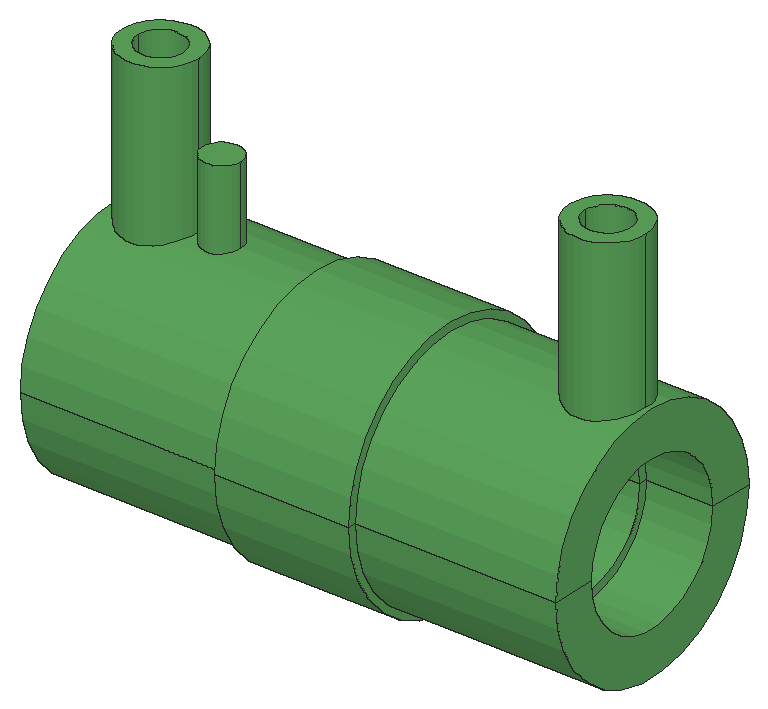
Revit family "Aquatherm_Электросварочная муфта", category Соединительные детали трубопроводов, Revit 2019
Family settings
  Размер круглого соединителя = Использовать диаметр
  Тип детали = Соединение
  На основе рабочей плоскости = Нет
  Всегда вертикально = Да
  При загрузке вырезать с полостями = Нет
  Общий = Нет
Parameters (values of type "SDR 9")
  Материал_Корпус = AquaTherm green pipe
  l [instance] = L / 8  # 8.75 mm
  h [instance] = size_lookup("Электросварочная муфта", "h", 18 mm, d)  # 36 mm
  URL = "www.agpipe.ru"
  d [instance] = 20 mm
  SDR = 9 mm
  L [instance] = size_lookup("Электросварочная муфта", "L", 18 mm, d)  # 70 mm
  D [instance] = size_lookup("Электросварочная муфта", "D", 18 mm, d)  # 31.5 mm
  ADSK_Примечание = ""
  ADSK_Позиция [instance] = ""
  ADSK_Обозначение [instance] = ""
  ADSK_Наименование [instance] = size_lookup("Электросварочная муфта", "ADSK_Наименование", "Нет в каталоге", d)  # "Электросварочная муфта DN20"
  ADSK_Масса_Текст [instance] = size_lookup("Электросварочная муфта", "ADSK_Масса_Текст", "Нет в каталоге", d)  # "0.049"
  ADSK_Код изделия [instance] = size_lookup("Электросварочная муфта", "ADSK_Код изделия", "Нет в каталоге", d)  # "17208"
  ADSK_Завод-изготовитель = "Aquatherm"  # constant formula
  ADSK_Единица измерения = "шт."  # constant formula
Types (6, lengths in mm): name | SDR
  (no name) | 9
  SDR 6 | 6
  SDR 7.4 | 7.4
  SDR 9 | 9
  SDR 11 | 11
  SDR 17.6 | 17.6
Reference planes
  plane 1 "По центру (Вперед/Назад)": y = 0
  plane 2: z = 0
  plane 3 "По центру (Влево/Вправо)": x = 0
  plane 4: x = 35
  plane 5: x = -35
  plane 6: x = 8.75
  plane 7: x = -8.75
  plane 8: y = 15.75
  plane 9: y = -15.75
  plane 10: x = -26.25
  plane 11: x = 26.25
  plane 12: y = 10
  plane 13: y = -10
  plane 14: z = 36
  plane 15: x = -29.25
  plane 16: x = 29.25
  plane 17: z = 15.75
  plane 18: z = -15.75
Forms (mm)
  Revolve 1, solid, material "AquaTherm green pipe" <- "Материал_Корпус"
    sketch origin (0, 0, 0) x (1, 0, 0) y (0, 1, 0)
      loop
        line (-8.75, 15.75) -> (-35, 15.75) -> (-35, 0) -> (35, 0) -> (35, 15.75) -> (8.75, 15.75) -> (8.75, 16.75) -> (-8.75, 16.75) -> (-8.75, 15.75)
      axis (-35, 0) -> (35, 0)
    angle from 0 to 360
  Revolve 2, void
    sketch origin (0, 0, 0) x (1, 0, 0) y (0, 1, 0)
      loop
        line (-35, 0) -> (35, 0) -> (35, 10) -> (26.25, 10) -> (26.25, 9) -> (8.75, 9) -> (8.75, 10) -> (-8.75, 10) -> (-8.75, 9) -> (-26.25, 9) -> (-26.25, 10) -> (-35, 10) -> (-35, 0)
      axis (-35, 0) -> (35, 0)
    angle from 0 to 360
  Extrusion 3, solid, material "AquaTherm green pipe" <- "Материал_Корпус"
    sketch origin (0, 0, 0) x (1, 0, 0) y (0, 1, 0)
      loop
        circle (-29.25, 0) r 5
      loop
        circle (-29.25, 0) r 3
      loop
        circle (29.25, 0) r 5
      loop
        circle (29.25, 0) r 3
    from 0 to 36
  Extrusion 4, solid, material "AquaTherm green pipe" <- "Материал_Корпус"
    sketch origin (0, 0, 0) x (1, 0, 0) y (0, 1, 0)
      loop
        circle (-21.25, 0) r 2.5
    from 0 to 25.875
Cuts and joins
  Revolve 2 cuts Revolve 1
  Revolve 2 cuts Extrusion 3
  Revolve 2 cuts Extrusion 4
  joined: Revolve 1, Extrusion 3, Extrusion 4
Lines and regions (mm)
  reference lines
    curve 1: line (-26.25, 0, 0) -> (26.25, 0, 0)
Dimensions and locks
  equal spacing: plane 5, plane 3 "По центру (Влево/Вправо)", plane 4
  "L": plane 5 to plane 4
  equal spacing: plane 8, plane 1 "По центру (Вперед/Назад)", plane 9
  "D": plane 8 to plane 9
  "l": plane 7 to plane 3 "По центру (Влево/Вправо)"
  "l": plane 3 "По центру (Влево/Вправо)" to plane 6
  "l": plane 5 to plane 10
  "l": plane 11 to plane 4
  locked: Revolve 1 sketch curve to plane 8 at 1
  equal spacing: plane 12, plane 1 "По центру (Вперед/Назад)", plane 13
  "d": plane 12 to plane 13
  locked: Revolve 2 sketch curve to plane 12 at 1
  "h": plane 14 to level
  locked: plane 15 to plane 10 at 3
  locked: plane 11 to plane 16 at 3
  locked: plane 10 to Extrusion 4 sketch curve at 5
  equal spacing: plane 17, level, plane 18
  "D": plane 17 to plane 18
  equal spacing: plane 14, Extrusion 4, plane 17
  aligned and locked: level to plane 2
  aligned and locked: Revolve 1 sketch curve to plane 1 "По центру (Вперед/Назад)"
  aligned and locked: plane 5 to Revolve 1 sketch curve
  aligned and locked: Revolve 1 sketch curve to plane 4
  aligned and locked: Revolve 1 sketch curve to plane 8
  aligned and locked: plane 8 to Revolve 1 sketch curve
  aligned and locked: Revolve 1 sketch curve to plane 7
  aligned and locked: Revolve 1 sketch curve to plane 6
  aligned and locked: Revolve 2 sketch curve to plane 5
  aligned and locked: plane 12 to Revolve 2 sketch curve  (x3)
  aligned and locked: Revolve 2 sketch curve to plane 4
  aligned and locked: Revolve 2 sketch curve to Revolve 2 sketch curve
  aligned and locked: Revolve 2 sketch curve to plane 10
  aligned and locked: Revolve 2 sketch curve to plane 7
  aligned and locked: Revolve 2 sketch curve to plane 6
  aligned and locked: plane 15 to Extrusion 3 sketch curve  (x2)
  aligned and locked: plane 1 "По центру (Вперед/Назад)" to Extrusion 3 sketch curve  (x4)
  aligned and locked: plane 16 to Extrusion 3 sketch curve  (x2)
  aligned and locked: plane 14 to Extrusion 3
  aligned and locked: plane 10 to curve 1
  aligned and locked: plane 11 to curve 1
  aligned and locked: plane 1 "По центру (Вперед/Назад)" to curve 1
Automatic sketch dimensions
  plane 1 "По центру (Вперед/Назад)" to Revolve 1 sketch curve = 0 mm
  plane 7 to Revolve 1 sketch curve = 6.25 mm
  Revolve 1 sketch curve to Revolve 1 sketch curve = 10 mm
  plane 1 "По центру (Вперед/Назад)" to Extrusion 4 sketch curve = 0 mm
  plane 1 "По центру (Вперед/Назад)" to Revolve 2 sketch curve = 0 mm  (x2)
  Revolve 2 sketch curve to plane 11 = 0 mm
  plane 6 to Revolve 2 sketch curve = 6.25 mm
  Revolve 2 sketch curve to Revolve 2 sketch curve = 15 mm
  radius of Extrusion 3 sketch curve = 5 mm  (x2)
  radius of Extrusion 3 sketch curve = 3 mm  (x2)
  radius of Extrusion 4 sketch curve = 2.5 mm
Connectors
  piping at (-26.25, 0, 0), diameter 20, driven by "d"
    settings: on curve 1, index 1, connector inside diameter 609.6 mm, connector length 0 mm, flow factor 0, pipe flow 0.0 L/s, pressure drop 0.0 Pa, fitting loss kfactor 0, connector angle 0.00°, fixture units 0, engagement length 0 mm, angle of deflection 0.00°, flow configuration 0, flow direction 0, fitting loss method 0, system type 28, joint type 0, gender type 0, connector reference index 2, connector utility 0, adjustable connector no, is connector primary yes, connector description ""
  piping at (26.25, 0, 0), diameter 20, driven by "d"
    settings: on curve 1, index 2, connector inside diameter 609.6 mm, connector length 0 mm, flow factor 0, pipe flow 0.0 L/s, pressure drop 0.0 Pa, fitting loss kfactor 0, connector angle 0.00°, fixture units 0, engagement length 0 mm, angle of deflection 0.00°, flow configuration 0, flow direction 0, fitting loss method 0, system type 28, joint type 0, gender type 0, connector reference index 1, connector utility 0, adjustable connector no, is connector primary no, connector description ""
